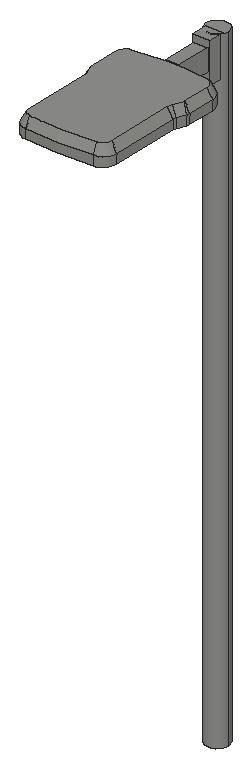
Revit family "VP-4-A_U", category Lighting Fixtures, host Face, Revit 2019 (continued)
Definition of nested family "SIZE4_A_"
  Forms (in)
    Extrusion 49, solid, material <- "Glass"
      sketch origin (-5, 0, -5.875) x (-1, 0, 0) y (0, 0, -1)
        loop
          arc (-7.41655, -32.5909) -> (-7.34333, -32.76768) -> (-7.16655, -32.8409) r 0.25
      from 1.35 to 1.37213
    Extrusion 50, solid, material <- "Glass"
      sketch origin (0.375, 0, -11.375) x (1, 0, 0) y (0, 0, 1)
        loop
          circle (-7.47829, 32.33694) r 0.15
        loop
          circle (-6.95955, 32.33694) r 0.15
        loop
          circle (-6.4408, 32.33694) r 0.15
        loop
          circle (-5.92205, 32.33694) r 0.15
        loop
          circle (-5.4033, 32.33694) r 0.15
        loop
          circle (-4.88455, 32.33694) r 0.15
        loop
          circle (-4.3658, 32.33694) r 0.15
        loop
          circle (-3.84705, 32.33694) r 0.15
        loop
          circle (-3.32831, 32.33694) r 0.15
        loop
          circle (-7.47829, 31.83694) r 0.15
        loop
          circle (-6.95955, 31.83694) r 0.15
        loop
          circle (-6.4408, 31.83694) r 0.15
        loop
          circle (-5.92205, 31.83694) r 0.15
        loop
          circle (-5.4033, 31.83694) r 0.15
        loop
          circle (-4.88455, 31.83694) r 0.15
        loop
          circle (-4.3658, 31.83694) r 0.15
        loop
          circle (-3.84705, 31.83694) r 0.15
        loop
          circle (-3.32831, 31.83694) r 0.15
        loop
          circle (-7.47829, 31.33694) r 0.15
        loop
          circle (-6.95955, 31.33694) r 0.15
        loop
          circle (-6.4408, 31.33694) r 0.15
        loop
          circle (-5.92205, 31.33694) r 0.15
        loop
          circle (-5.4033, 31.33694) r 0.15
        loop
          circle (-4.88455, 31.33694) r 0.15
        loop
          circle (-4.3658, 31.33694) r 0.15
        loop
          circle (-3.84705, 31.33694) r 0.15
        loop
          circle (-3.32831, 31.33694) r 0.15
        loop
          circle (-7.47829, 30.83694) r 0.15
        loop
          circle (-6.95955, 30.83694) r 0.15
        loop
          circle (-6.4408, 30.83694) r 0.15
        loop
          circle (-5.92205, 30.83694) r 0.15
        loop
          circle (-5.4033, 30.83694) r 0.15
        loop
          circle (-4.88455, 30.83694) r 0.15
        loop
          circle (-4.3658, 30.83694) r 0.15
        loop
          circle (-3.84705, 30.83694) r 0.15
        loop
          circle (-3.32831, 30.83694) r 0.15
        loop
          circle (-7.47829, 30.33694) r 0.15
        loop
          circle (-6.95955, 30.33694) r 0.15
        loop
          circle (-6.4408, 30.33694) r 0.15
        loop
          circle (-5.92205, 30.33694) r 0.15
        loop
          circle (-5.4033, 30.33694) r 0.15
        loop
          circle (-4.88455, 30.33694) r 0.15
        loop
          circle (-4.3658, 30.33694) r 0.15
        loop
          circle (-3.84705, 30.33694) r 0.15
        loop
          circle (-3.32831, 30.33694) r 0.15
        loop
          circle (-7.47829, 29.83694) r 0.15
        loop
          circle (-6.95955, 29.83694) r 0.15
        loop
          circle (-6.4408, 29.83694) r 0.15
        loop
          circle (-5.92205, 29.83694) r 0.15
        loop
          circle (-5.4033, 29.83694) r 0.15
        loop
          circle (-4.88455, 29.83694) r 0.15
        loop
          circle (-4.3658, 29.83694) r 0.15
        loop
          circle (-3.84705, 29.83694) r 0.15
        loop
          circle (-3.32831, 29.83694) r 0.15
        loop
          circle (-7.47829, 29.33694) r 0.15
        loop
          circle (-6.95955, 29.33694) r 0.15
        loop
          circle (-6.4408, 29.33694) r 0.15
        loop
          circle (-5.92205, 29.33694) r 0.15
        loop
          circle (-5.4033, 29.33694) r 0.15
        loop
          circle (-4.88455, 29.33694) r 0.15
        loop
          circle (-4.3658, 29.33694) r 0.15
        loop
          circle (-3.84705, 29.33694) r 0.15
        loop
          circle (-3.32831, 29.33694) r 0.15
        loop
          circle (-7.47829, 28.83694) r 0.15
        loop
          circle (-6.95955, 28.83694) r 0.15
        loop
          circle (-6.4408, 28.83694) r 0.15
        loop
          circle (-5.92205, 28.83694) r 0.15
        loop
          circle (-5.4033, 28.83694) r 0.15
        loop
          circle (-4.88455, 28.83694) r 0.15
        loop
          circle (-4.3658, 28.83694) r 0.15
        loop
          circle (-3.84705, 28.83694) r 0.15
        loop
          circle (-3.32831, 28.83694) r 0.15
        loop
          circle (-7.47829, 28.33694) r 0.15
        loop
          circle (-6.95955, 28.33694) r 0.15
        loop
          circle (-6.4408, 28.33694) r 0.15
        loop
          circle (-5.92205, 28.33694) r 0.15
        loop
          circle (-5.4033, 28.33694) r 0.15
        loop
          circle (-4.88455, 28.33694) r 0.15
        loop
          circle (-4.3658, 28.33694) r 0.15
        loop
          circle (-3.84705, 28.33694) r 0.15
        loop
          circle (-3.32831, 28.33694) r 0.15
      from 1.35 to 1.4
    Extrusion 51, solid, material <- "Glass"
      sketch origin (0, 0, -11.375) x (1, 0, 0) y (0, 0, 1)
        loop
          arc (-7.16655, 32.8409) -> (-7.34333, 32.76768) -> (-7.41655, 32.5909) r 0.25
          line (-7.41655, 32.5909) -> (-7.41655, 28.0909)
          arc (-7.41655, 28.0909) -> (-7.34333, 27.91412) -> (-7.16655, 27.8409) r 0.25
          line (-7.16655, 27.8409) -> (-2.81123, 27.8409)
          arc (-2.81123, 27.8409) -> (-2.63446, 27.91412) -> (-2.56123, 28.0909) r 0.25
          line (-2.56123, 28.0909) -> (-2.56123, 32.5909)
          arc (-2.56123, 32.5909) -> (-2.63446, 32.76768) -> (-2.81123, 32.8409) r 0.25
          line (-2.81123, 32.8409) -> (-7.16655, 32.8409)
      from 1.35 to 1.37213
    Extrusion 52, solid, material <- "Glass"
      sketch origin (-0.375, 0, -11.375) x (-1, 0, 0) y (0, 0, -1)
        loop
          circle (-7.47829, -32.33694) r 0.15
        loop
          circle (-6.95955, -32.33694) r 0.15
        loop
          circle (-6.4408, -32.33694) r 0.15
        loop
          circle (-5.92205, -32.33694) r 0.15
        loop
          circle (-5.4033, -32.33694) r 0.15
        loop
          circle (-4.88455, -32.33694) r 0.15
        loop
          circle (-4.3658, -32.33694) r 0.15
        loop
          circle (-3.84705, -32.33694) r 0.15
        loop
          circle (-3.32831, -32.33694) r 0.15
        loop
          circle (-7.47829, -31.83694) r 0.15
        loop
          circle (-6.95955, -31.83694) r 0.15
        loop
          circle (-6.4408, -31.83694) r 0.15
        loop
          circle (-5.92205, -31.83694) r 0.15
        loop
          circle (-5.4033, -31.83694) r 0.15
        loop
          circle (-4.88455, -31.83694) r 0.15
        loop
          circle (-4.3658, -31.83694) r 0.15
        loop
          circle (-3.84705, -31.83694) r 0.15
        loop
          circle (-3.32831, -31.83694) r 0.15
        loop
          circle (-7.47829, -31.33694) r 0.15
        loop
          circle (-6.95955, -31.33694) r 0.15
        loop
          circle (-6.4408, -31.33694) r 0.15
        loop
          circle (-5.92205, -31.33694) r 0.15
        loop
          circle (-5.4033, -31.33694) r 0.15
        loop
          circle (-4.88455, -31.33694) r 0.15
        loop
          circle (-4.3658, -31.33694) r 0.15
        loop
          circle (-3.84705, -31.33694) r 0.15
        loop
          circle (-3.32831, -31.33694) r 0.15
        loop
          circle (-7.47829, -30.83694) r 0.15
        loop
          circle (-6.95955, -30.83694) r 0.15
        loop
          circle (-6.4408, -30.83694) r 0.15
        loop
          circle (-5.92205, -30.83694) r 0.15
        loop
          circle (-5.4033, -30.83694) r 0.15
        loop
          circle (-4.88455, -30.83694) r 0.15
        loop
          circle (-4.3658, -30.83694) r 0.15
        loop
          circle (-3.84705, -30.83694) r 0.15
        loop
          circle (-3.32831, -30.83694) r 0.15
        loop
          circle (-7.47829, -30.33694) r 0.15
        loop
          circle (-6.95955, -30.33694) r 0.15
        loop
          circle (-6.4408, -30.33694) r 0.15
        loop
          circle (-5.92205, -30.33694) r 0.15
        loop
          circle (-5.4033, -30.33694) r 0.15
        loop
          circle (-4.88455, -30.33694) r 0.15
        loop
          circle (-4.3658, -30.33694) r 0.15
        loop
          circle (-3.84705, -30.33694) r 0.15
        loop
          circle (-3.32831, -30.33694) r 0.15
        loop
          circle (-7.47829, -29.83694) r 0.15
        loop
          circle (-6.95955, -29.83694) r 0.15
        loop
          circle (-6.4408, -29.83694) r 0.15
        loop
          circle (-5.92205, -29.83694) r 0.15
        loop
          circle (-5.4033, -29.83694) r 0.15
        loop
          circle (-4.88455, -29.83694) r 0.15
        loop
          circle (-4.3658, -29.83694) r 0.15
        loop
          circle (-3.84705, -29.83694) r 0.15
        loop
          circle (-3.32831, -29.83694) r 0.15
        loop
          circle (-7.47829, -29.33694) r 0.15
        loop
          circle (-6.95955, -29.33694) r 0.15
        loop
          circle (-6.4408, -29.33694) r 0.15
        loop
          circle (-5.92205, -29.33694) r 0.15
        loop
          circle (-5.4033, -29.33694) r 0.15
        loop
          circle (-4.88455, -29.33694) r 0.15
        loop
          circle (-4.3658, -29.33694) r 0.15
        loop
          circle (-3.84705, -29.33694) r 0.15
        loop
          circle (-3.32831, -29.33694) r 0.15
        loop
          circle (-7.47829, -28.83694) r 0.15
        loop
          circle (-6.95955, -28.83694) r 0.15
        loop
          circle (-6.4408, -28.83694) r 0.15
        loop
          circle (-5.92205, -28.83694) r 0.15
        loop
          circle (-5.4033, -28.83694) r 0.15
        loop
          circle (-4.88455, -28.83694) r 0.15
        loop
          circle (-4.3658, -28.83694) r 0.15
        loop
          circle (-3.84705, -28.83694) r 0.15
        loop
          circle (-3.32831, -28.83694) r 0.15
        loop
          circle (-7.47829, -28.33694) r 0.15
        loop
          circle (-6.95955, -28.33694) r 0.15
        loop
          circle (-6.4408, -28.33694) r 0.15
        loop
          circle (-5.92205, -28.33694) r 0.15
        loop
          circle (-5.4033, -28.33694) r 0.15
        loop
          circle (-4.88455, -28.33694) r 0.15
        loop
          circle (-4.3658, -28.33694) r 0.15
        loop
          circle (-3.84705, -28.33694) r 0.15
        loop
          circle (-3.32831, -28.33694) r 0.15
      from 1.35 to 1.4
    Extrusion 53, solid, material <- "Glass"
      sketch origin (0, 0, -11.375) x (-1, 0, 0) y (0, 0, -1)
        loop
          line (-7.16655, -32.8409) -> (-2.84181, -32.8409)
          arc (-2.84181, -32.8409) -> (-2.66504, -32.76768) -> (-2.59181, -32.5909) r 0.25
          line (-2.59181, -32.5909) -> (-2.59181, -28.0909)
          arc (-2.59181, -28.0909) -> (-2.66504, -27.91412) -> (-2.84181, -27.8409) r 0.25
          line (-2.84181, -27.8409) -> (-7.16655, -27.8409)
          arc (-7.16655, -27.8409) -> (-7.34333, -27.91412) -> (-7.41655, -28.0909) r 0.25
          line (-7.41655, -28.0909) -> (-7.41655, -32.5909)
          arc (-7.41655, -32.5909) -> (-7.34333, -32.76768) -> (-7.16655, -32.8409) r 0.25
      from 1.35 to 1.37213
    Extrusion 54, solid, material <- "Glass"
      sketch origin (-5.375, 0, -11.375) x (-1, 0, 0) y (0, 0, -1)
        loop
          circle (-7.47829, -32.33694) r 0.15
        loop
          circle (-6.95955, -32.33694) r 0.15
        loop
          circle (-6.4408, -32.33694) r 0.15
        loop
          circle (-5.92205, -32.33694) r 0.15
        loop
          circle (-5.4033, -32.33694) r 0.15
        loop
          circle (-4.88455, -32.33694) r 0.15
        loop
          circle (-4.3658, -32.33694) r 0.15
        loop
          circle (-3.84705, -32.33694) r 0.15
        loop
          circle (-3.32831, -32.33694) r 0.15
        loop
          circle (-7.47829, -31.83694) r 0.15
        loop
          circle (-6.95955, -31.83694) r 0.15
        loop
          circle (-6.4408, -31.83694) r 0.15
        loop
          circle (-5.92205, -31.83694) r 0.15
        loop
          circle (-5.4033, -31.83694) r 0.15
        loop
          circle (-4.88455, -31.83694) r 0.15
        loop
          circle (-4.3658, -31.83694) r 0.15
        loop
          circle (-3.84705, -31.83694) r 0.15
        loop
          circle (-3.32831, -31.83694) r 0.15
        loop
          circle (-7.47829, -31.33694) r 0.15
        loop
          circle (-6.95955, -31.33694) r 0.15
        loop
          circle (-6.4408, -31.33694) r 0.15
        loop
          circle (-5.92205, -31.33694) r 0.15
        loop
          circle (-5.4033, -31.33694) r 0.15
        loop
          circle (-4.88455, -31.33694) r 0.15
        loop
          circle (-4.3658, -31.33694) r 0.15
        loop
          circle (-3.84705, -31.33694) r 0.15
        loop
          circle (-3.32831, -31.33694) r 0.15
        loop
          circle (-7.47829, -30.83694) r 0.15
        loop
          circle (-6.95955, -30.83694) r 0.15
        loop
          circle (-6.4408, -30.83694) r 0.15
        loop
          circle (-5.92205, -30.83694) r 0.15
        loop
          circle (-5.4033, -30.83694) r 0.15
        loop
          circle (-4.88455, -30.83694) r 0.15
        loop
          circle (-4.3658, -30.83694) r 0.15
        loop
          circle (-3.84705, -30.83694) r 0.15
        loop
          circle (-3.32831, -30.83694) r 0.15
        loop
          circle (-7.47829, -30.33694) r 0.15
        loop
          circle (-6.95955, -30.33694) r 0.15
        loop
          circle (-6.4408, -30.33694) r 0.15
        loop
          circle (-5.92205, -30.33694) r 0.15
        loop
          circle (-5.4033, -30.33694) r 0.15
        loop
          circle (-4.88455, -30.33694) r 0.15
        loop
          circle (-4.3658, -30.33694) r 0.15
        loop
          circle (-3.84705, -30.33694) r 0.15
        loop
          circle (-3.32831, -30.33694) r 0.15
        loop
          circle (-7.47829, -29.83694) r 0.15
        loop
          circle (-6.95955, -29.83694) r 0.15
        loop
          circle (-6.4408, -29.83694) r 0.15
        loop
          circle (-5.92205, -29.83694) r 0.15
        loop
          circle (-5.4033, -29.83694) r 0.15
        loop
          circle (-4.88455, -29.83694) r 0.15
        loop
          circle (-4.3658, -29.83694) r 0.15
        loop
          circle (-3.84705, -29.83694) r 0.15
        loop
          circle (-3.32831, -29.83694) r 0.15
        loop
          circle (-7.47829, -29.33694) r 0.15
        loop
          circle (-6.95955, -29.33694) r 0.15
        loop
          circle (-6.4408, -29.33694) r 0.15
        loop
          circle (-5.92205, -29.33694) r 0.15
        loop
          circle (-5.4033, -29.33694) r 0.15
        loop
          circle (-4.88455, -29.33694) r 0.15
        loop
          circle (-4.3658, -29.33694) r 0.15
        loop
          circle (-3.84705, -29.33694) r 0.15
        loop
          circle (-3.32831, -29.33694) r 0.15
        loop
          circle (-7.47829, -28.83694) r 0.15
        loop
          circle (-6.95955, -28.83694) r 0.15
        loop
          circle (-6.4408, -28.83694) r 0.15
        loop
          circle (-5.92205, -28.83694) r 0.15
        loop
          circle (-5.4033, -28.83694) r 0.15
        loop
          circle (-4.88455, -28.83694) r 0.15
        loop
          circle (-4.3658, -28.83694) r 0.15
        loop
          circle (-3.84705, -28.83694) r 0.15
        loop
          circle (-3.32831, -28.83694) r 0.15
        loop
          circle (-7.47829, -28.33694) r 0.15
        loop
          circle (-6.95955, -28.33694) r 0.15
        loop
          circle (-6.4408, -28.33694) r 0.15
        loop
          circle (-5.92205, -28.33694) r 0.15
        loop
          circle (-5.4033, -28.33694) r 0.15
        loop
          circle (-4.88455, -28.33694) r 0.15
        loop
          circle (-4.3658, -28.33694) r 0.15
        loop
          circle (-3.84705, -28.33694) r 0.15
        loop
          circle (-3.32831, -28.33694) r 0.15
      from 1.35 to 1.4
    Extrusion 55, solid, material <- "Glass"
      sketch origin (-5, 0, -11.375) x (-1, 0, 0) y (0, 0, -1)
        loop
          line (-7.16655, -32.8409) -> (-2.84181, -32.8409)
          arc (-2.84181, -32.8409) -> (-2.66504, -32.76768) -> (-2.59181, -32.5909) r 0.25
          line (-2.59181, -32.5909) -> (-2.59181, -28.0909)
          arc (-2.59181, -28.0909) -> (-2.66504, -27.91412) -> (-2.84181, -27.8409) r 0.25
          line (-2.84181, -27.8409) -> (-7.16655, -27.8409)
          arc (-7.16655, -27.8409) -> (-7.34333, -27.91412) -> (-7.41655, -28.0909) r 0.25
          line (-7.41655, -28.0909) -> (-7.41655, -32.5909)
          arc (-7.41655, -32.5909) -> (-7.34333, -32.76768) -> (-7.16655, -32.8409) r 0.25
      from 1.35 to 1.37213
    Extrusion 56, solid, material <- "Fixture"
      sketch origin (0.125, 0, 2.5) x (1, 0, 0) y (0, 0, 1)
        loop
          arc (8.61601, 29.87811) -> (7.91353, 31.61742) -> (6.20018, 32.38102) r 2.50448
          arc (6.20018, 32.38102) -> (-0.18326, 32.81078) -> (-6.56625, 32.37421) r 47.24839
          arc (-6.56625, 32.37421) -> (-8.20342, 31.57512) -> (-8.86601, 29.87811) r 2.50448
          line (-8.86601, 29.87811) -> (-8.86601, 16.83541)
          arc (-8.86601, 16.83541) -> (-8.89448, 16.52871) -> (-8.97892, 16.2325) r 1.66606
          line (-8.97892, 16.2325) -> (-9.6766, 14.43524)
          arc (-9.6766, 14.43524) -> (-9.74427, 14.21755) -> (-9.78142, 13.99263) r 1.65645
          line (-9.78142, 13.99263) -> (-9.78142, 8.65741)
          arc (-9.78142, 8.65741) -> (-8.97209, 6.60779) -> (-6.98078, 5.66404) r 3
          arc (-6.98078, 5.66404) -> (0.01001, 4.99965) -> (7.00057, 5.66642) r 37.04471
          arc (7.00057, 5.66642) -> (8.81758, 6.67941) -> (9.53886, 8.63067) r 3
          line (9.53886, 8.63067) -> (9.53886, 13.83581)
          arc (9.53886, 13.83581) -> (9.51055, 14.14073) -> (9.4266, 14.43524) r 1.65645
          line (9.4266, 14.43524) -> (8.72892, 16.2325)
          arc (8.72892, 16.2325) -> (8.64448, 16.52871) -> (8.61601, 16.83541) r 1.66606
          line (8.61601, 16.83541) -> (8.61601, 29.87811)
      from 0 to 1.74
    Blend 57, solid, material <- "Fixture"
      base sketch origin (0, 0, 0) x (1, 0, 0) y (0, 0, 1)
        loop
          arc (-9.5516, 16.93524) -> (-9.61927, 16.71755) -> (-9.65642, 16.49263) r 1.65645
          line (-9.65642, 16.49263) -> (-9.65642, 11.15741)
          arc (-9.65642, 11.15741) -> (-8.84709, 9.10779) -> (-6.85578, 8.16404) r 3
          arc (-6.85578, 8.16404) -> (0.13501, 7.49965) -> (7.12557, 8.16642) r 37.04471
          arc (7.12557, 8.16642) -> (8.94258, 9.17941) -> (9.66386, 11.13067) r 3
          line (9.66386, 11.13067) -> (9.66386, 16.33581)
          arc (9.66386, 16.33581) -> (9.63555, 16.64073) -> (9.5516, 16.93524) r 1.65645
          line (9.5516, 16.93524) -> (8.85392, 18.7325)
          arc (8.85392, 18.7325) -> (8.76948, 19.02871) -> (8.74101, 19.33541) r 1.66606
          line (8.74101, 19.33541) -> (8.74101, 32.37811)
          arc (8.74101, 32.37811) -> (8.03853, 34.11742) -> (6.32518, 34.88102) r 2.50448
          arc (6.32518, 34.88102) -> (-0.05826, 35.31078) -> (-6.44125, 34.87421) r 47.24839
          arc (-6.44125, 34.87421) -> (-8.07842, 34.07512) -> (-8.74101, 32.37811) r 2.50448
          line (-8.74101, 32.37811) -> (-8.74101, 19.33541)
          arc (-8.74101, 19.33541) -> (-8.76948, 19.02871) -> (-8.85392, 18.7325) r 1.66606
          line (-8.85392, 18.7325) -> (-9.5516, 16.93524)
      top sketch origin (0, 0, 0) x (1, 0, 0) y (0, 0, 1)
        loop
          line (-8.65642, 16.43436) -> (-8.65642, 11.15741)
          arc (-8.65642, 11.15741) -> (-8.09764, 9.77073) -> (-6.73353, 9.1589) r 2
          arc (-6.73353, 9.1589) -> (0.1108, 8.49965) -> (6.95577, 9.15209) r 36.04471
          arc (6.95577, 9.15209) -> (8.17777, 9.82373) -> (8.66386, 11.13067) r 2
          line (8.66386, 11.13067) -> (8.66386, 16.33581)
          arc (8.66386, 16.33581) -> (8.65264, 16.45665) -> (8.61937, 16.57336) r 0.65645
          line (8.61937, 16.57336) -> (7.9217, 18.37062)
          arc (7.9217, 18.37062) -> (7.78657, 18.84463) -> (7.74101, 19.33541) r 2.66606
          line (7.74101, 19.33541) -> (7.74101, 32.37811)
          arc (7.74101, 32.37811) -> (7.3037, 33.43858) -> (6.246, 33.88256) r 1.50448
          arc (6.246, 33.88256) -> (-0.04498, 34.31079) -> (-6.33575, 33.87932) r 46.24839
          arc (-6.33575, 33.87932) -> (-7.33487, 33.40626) -> (-7.74101, 32.37811) r 1.50448
          line (-7.74101, 32.37811) -> (-7.74101, 19.33541)
          arc (-7.74101, 19.33541) -> (-7.78657, 18.84463) -> (-7.9217, 18.37062) r 2.66606
          line (-7.9217, 18.37062) -> (-8.61937, 16.57336)
          arc (-8.61937, 16.57336) -> (-8.64172, 16.50488) -> (-8.65642, 16.43436) r 0.65645
      from 0 to -1.74
    Extrusion 58, solid, material <- "Fixture"
      sketch origin (0, 0, 0) x (1, 0, 0) y (0, 1, 0)
        loop
          line (-1.5, 3.03981) -> (-1.5, -4.56012) -> (1.5, -4.56012) -> (1.5, 3.03981) -> (-1.5, 3.03981)
      from -1.406 to 1.75
  Cuts and joins
    Extrusion 3, Extrusion 41 cuts Extrusion 2
    Extrusion 3, Extrusion 41 cuts Extrusion 56
  Dimensions and locks (in)
    equal spacing: plane 4, plane 3 "Center (Left/Right)", plane 5
    "Width": plane 4 to plane 5
    "Length": plane 7 to plane 6
    "Mount Length": plane 6 to plane 2
    "Mounting Base Width": plane 11 to plane 10
    equal spacing: plane 11, plane 3 "Center (Left/Right)", plane 10
    aligned and locked: plane 2 to Extrusion 1
    aligned and locked: level to Extrusion 1
    aligned and locked: plane 10 to Extrusion 58 sketch curve
    aligned and locked: Extrusion 58 sketch curve to plane 11
    aligned and locked: Extrusion 58 to cut or joined group of Extrusion 2, Extrusion 3, Extrusion 41
  Automatic sketch dimensions
    Extrusion 1 sketch curve to Extrusion 1 sketch curve = 96.00"  (x2)
    Extrusion 2 sketch curve to plane 9 = 0.00"
    Extrusion 2 sketch curve to plane 8 = 0.1611"
    plane 8 to Extrusion 2 sketch curve = 1.12955"
    Extrusion 2 sketch curve to level = 1.406"
    plane 6 to Extrusion 2 sketch curve = 1.01105"
    plane 5 to Extrusion 3 sketch curve = 1.40392"
    plane 3 "Center (Left/Right)" to Extrusion 3 sketch curve = 0.06506"
    Extrusion 3 sketch curve to plane 4 = 1.25"
    Extrusion 3 sketch curve to level = 39.4018"
    plane 6 to Extrusion 3 sketch curve = 7.65635"
    Extrusion 3 sketch curve to plane 7 = 2.31818"
    plane 5 to Extrusion 4 sketch curve = 2.15013"
    Extrusion 4 sketch curve to Extrusion 4 sketch curve = 0.35"  (x3)
    Extrusion 4 sketch curve to plane 4 = 2.50013"  (x2)
    Extrusion 4 sketch curve to plane 7 = 8.31818"
    Extrusion 4 sketch curve to plane 7 = 3.16818"
    plane 5 to Extrusion 5 sketch curve = 2.70671"
    Extrusion 5 sketch curve to Extrusion 5 sketch curve = 0.00"  (x61)
    Extrusion 5 sketch curve to Extrusion 5 sketch curve = 0.51875"  (x27)
    Extrusion 5 sketch curve to plane 7 = 7.51806"
    Extrusion 5 sketch curve to Extrusion 5 sketch curve = 0.50"  (x72)
    plane 5 to Extrusion 6 sketch curve = 2.39345"
    Extrusion 6 sketch curve to Extrusion 6 sketch curve = 0.25"  (x3)
    Extrusion 6 sketch curve to plane 3 "Center (Left/Right)" = 2.81123"  (x2)
    Extrusion 6 sketch curve to plane 7 = 8.0141"
    Extrusion 6 sketch curve to plane 7 = 3.2641"
    Extrusion 7 sketch curve to plane 4 = 2.12307"
    Extrusion 7 sketch curve to plane 8 = 0.46661"
    Extrusion 7 sketch curve to Extrusion 7 sketch curve = 0.02618"
    Extrusion 7 sketch curve to Extrusion 7 sketch curve = 0.1119"
    Extrusion 7 sketch curve to plane 8 = 0.03691"
    Extrusion 7 sketch curve to Extrusion 7 sketch curve = 0.36056"
    Extrusion 7 sketch curve to plane 8 = 0.00781"
    Extrusion 7 sketch curve to Extrusion 7 sketch curve = 0.06241"
    Extrusion 7 sketch curve to Extrusion 7 sketch curve = 0.42393"
    Extrusion 7 sketch curve to Extrusion 7 sketch curve = 0.73219"
    plane 4 to Extrusion 8 sketch curve = 2.70671"
    Extrusion 8 sketch curve to Extrusion 8 sketch curve = 0.00"  (x61)
    Extrusion 8 sketch curve to Extrusion 8 sketch curve = 0.51875"  (x27)
    plane 7 to Extrusion 8 sketch curve = 7.51806"
    Extrusion 8 sketch curve to Extrusion 8 sketch curve = 0.50"  (x72)
    plane 4 to Extrusion 9 sketch curve = 2.39345"
    Extrusion 9 sketch curve to Extrusion 9 sketch curve = 0.25"  (x3)
    Extrusion 9 sketch curve to plane 3 "Center (Left/Right)" = 2.84181"  (x2)
    plane 7 to Extrusion 9 sketch curve = 8.0141"
    plane 7 to Extrusion 9 sketch curve = 3.2641"
    plane 5 to Extrusion 10 sketch curve = 2.15013"
    Extrusion 10 sketch curve to Extrusion 10 sketch curve = 0.35"  (x3)
    Extrusion 10 sketch curve to plane 4 = 2.50013"  (x2)
    Extrusion 10 sketch curve to plane 7 = 13.81818"
    Extrusion 10 sketch curve to Extrusion 10 sketch curve = 4.80"
    Extrusion 11 sketch curve to plane 5 = 2.15013"
    Extrusion 11 sketch curve to Extrusion 11 sketch curve = 0.35"  (x3)
    plane 4 to Extrusion 11 sketch curve = 2.50013"  (x2)
    plane 7 to Extrusion 11 sketch curve = 13.81818"
    Extrusion 11 sketch curve to Extrusion 11 sketch curve = 4.80"
    Extrusion 12 sketch curve to plane 4 = 2.12307"
    Extrusion 12 sketch curve to plane 8 = 0.46661"
    Extrusion 12 sketch curve to Extrusion 12 sketch curve = 0.02618"
    Extrusion 12 sketch curve to Extrusion 12 sketch curve = 0.1119"
    Extrusion 12 sketch curve to plane 8 = 0.03691"
    Extrusion 12 sketch curve to Extrusion 12 sketch curve = 0.36056"
    Extrusion 12 sketch curve to plane 8 = 0.00781"
    Extrusion 12 sketch curve to Extrusion 12 sketch curve = 0.06241"
    Extrusion 12 sketch curve to Extrusion 12 sketch curve = 0.42393"
    Extrusion 12 sketch curve to Extrusion 12 sketch curve = 0.73219"
    Extrusion 13 sketch curve to plane 4 = 2.12307"
    Extrusion 13 sketch curve to plane 8 = 0.46661"
    Extrusion 13 sketch curve to Extrusion 13 sketch curve = 0.02618"
    Extrusion 13 sketch curve to Extrusion 13 sketch curve = 0.1119"
    Extrusion 13 sketch curve to plane 8 = 0.03691"
    Extrusion 13 sketch curve to Extrusion 13 sketch curve = 0.36056"
    Extrusion 13 sketch curve to plane 8 = 0.00781"
    Extrusion 13 sketch curve to Extrusion 13 sketch curve = 0.06241"
    Extrusion 13 sketch curve to Extrusion 13 sketch curve = 0.42393"
    Extrusion 13 sketch curve to Extrusion 13 sketch curve = 0.73219"
    Extrusion 14 sketch curve to plane 4 = 2.12307"
    Extrusion 14 sketch curve to plane 8 = 0.46661"
    Extrusion 14 sketch curve to Extrusion 14 sketch curve = 0.02618"
    Extrusion 14 sketch curve to Extrusion 14 sketch curve = 0.08572"
    Extrusion 14 sketch curve to plane 8 = 0.03691"
    Extrusion 14 sketch curve to Extrusion 14 sketch curve = 0.36056"
    Extrusion 14 sketch curve to plane 8 = 0.00781"
    Extrusion 14 sketch curve to Extrusion 14 sketch curve = 0.06241"
    Extrusion 14 sketch curve to Extrusion 14 sketch curve = 0.42393"
    Extrusion 14 sketch curve to Extrusion 14 sketch curve = 0.73219"
    Extrusion 15 sketch curve to plane 4 = 2.12307"
    Extrusion 15 sketch curve to plane 8 = 0.46661"
    Extrusion 15 sketch curve to Extrusion 15 sketch curve = 0.02618"
    Extrusion 15 sketch curve to Extrusion 15 sketch curve = 0.1119"
    Extrusion 15 sketch curve to plane 8 = 0.03691"
    Extrusion 15 sketch curve to Extrusion 15 sketch curve = 0.36056"
    Extrusion 15 sketch curve to plane 8 = 0.00781"
    Extrusion 15 sketch curve to Extrusion 15 sketch curve = 0.06241"
    Extrusion 15 sketch curve to Extrusion 15 sketch curve = 0.42393"
    Extrusion 15 sketch curve to Extrusion 15 sketch curve = 0.73219"
    Extrusion 16 sketch curve to plane 4 = 2.12307"
    Extrusion 16 sketch curve to plane 8 = 0.46661"
    Extrusion 16 sketch curve to Extrusion 16 sketch curve = 0.02618"
    Extrusion 16 sketch curve to Extrusion 16 sketch curve = 0.1119"
    Extrusion 16 sketch curve to plane 8 = 0.03691"
    Extrusion 16 sketch curve to Extrusion 16 sketch curve = 0.36056"
    Extrusion 16 sketch curve to plane 8 = 0.00781"
    Extrusion 16 sketch curve to Extrusion 16 sketch curve = 0.06241"
    Extrusion 16 sketch curve to Extrusion 16 sketch curve = 0.42393"
    Extrusion 16 sketch curve to Extrusion 16 sketch curve = 0.73219"
    Extrusion 17 sketch curve to plane 4 = 2.12307"
    Extrusion 17 sketch curve to plane 8 = 0.46661"
    Extrusion 17 sketch curve to Extrusion 17 sketch curve = 0.02618"
    Extrusion 17 sketch curve to Extrusion 17 sketch curve = 0.1119"
    Extrusion 17 sketch curve to plane 8 = 0.03691"
    Extrusion 17 sketch curve to Extrusion 17 sketch curve = 0.36056"
    Extrusion 17 sketch curve to plane 8 = 0.00781"
    Extrusion 17 sketch curve to Extrusion 17 sketch curve = 0.06241"
    Extrusion 17 sketch curve to Extrusion 17 sketch curve = 0.42393"
    Extrusion 17 sketch curve to Extrusion 17 sketch curve = 0.73219"
    Extrusion 18 sketch curve to plane 4 = 2.12307"
    Extrusion 18 sketch curve to plane 8 = 0.46661"
    Extrusion 18 sketch curve to Extrusion 18 sketch curve = 0.02618"
    Extrusion 18 sketch curve to Extrusion 18 sketch curve = 0.1119"
    Extrusion 18 sketch curve to plane 8 = 0.03691"
    Extrusion 18 sketch curve to Extrusion 18 sketch curve = 0.36056"
    Extrusion 18 sketch curve to plane 8 = 0.00781"
    Extrusion 18 sketch curve to Extrusion 18 sketch curve = 0.06241"
    Extrusion 18 sketch curve to Extrusion 18 sketch curve = 0.42393"
    Extrusion 18 sketch curve to Extrusion 18 sketch curve = 0.73219"
    Extrusion 19 sketch curve to plane 4 = 2.12307"
    Extrusion 19 sketch curve to plane 8 = 0.46661"
    Extrusion 19 sketch curve to Extrusion 19 sketch curve = 0.02618"
    Extrusion 19 sketch curve to Extrusion 19 sketch curve = 0.1119"
    Extrusion 19 sketch curve to plane 8 = 0.03691"
    Extrusion 19 sketch curve to Extrusion 19 sketch curve = 0.36056"
    Extrusion 19 sketch curve to plane 8 = 0.00781"
    Extrusion 19 sketch curve to Extrusion 19 sketch curve = 0.06241"
    Extrusion 19 sketch curve to Extrusion 19 sketch curve = 0.42393"
    Extrusion 19 sketch curve to Extrusion 19 sketch curve = 0.73219"
    Extrusion 20 sketch curve to plane 4 = 2.12307"
    Extrusion 20 sketch curve to plane 8 = 0.46661"
    Extrusion 20 sketch curve to Extrusion 20 sketch curve = 0.02618"
    Extrusion 20 sketch curve to Extrusion 20 sketch curve = 0.1119"
    Extrusion 20 sketch curve to plane 8 = 0.03691"
    Extrusion 20 sketch curve to Extrusion 20 sketch curve = 0.36056"
    Extrusion 20 sketch curve to plane 8 = 0.00781"
    Extrusion 20 sketch curve to Extrusion 20 sketch curve = 0.06241"
    Extrusion 20 sketch curve to Extrusion 20 sketch curve = 0.42393"
    Extrusion 20 sketch curve to Extrusion 20 sketch curve = 0.73219"
    Extrusion 21 sketch curve to plane 4 = 2.12307"
    Extrusion 21 sketch curve to plane 8 = 0.46661"
    Extrusion 21 sketch curve to Extrusion 21 sketch curve = 0.02618"
    Extrusion 21 sketch curve to Extrusion 21 sketch curve = 0.1119"
    Extrusion 21 sketch curve to plane 8 = 0.03691"
    Extrusion 21 sketch curve to Extrusion 21 sketch curve = 0.36056"
    Extrusion 21 sketch curve to plane 8 = 0.00781"
    Extrusion 21 sketch curve to Extrusion 21 sketch curve = 0.06241"
    Extrusion 21 sketch curve to Extrusion 21 sketch curve = 0.42393"
    Extrusion 21 sketch curve to Extrusion 21 sketch curve = 0.73219"
    Extrusion 22 sketch curve to plane 4 = 2.12307"
    Extrusion 22 sketch curve to plane 8 = 0.46661"
    Extrusion 22 sketch curve to Extrusion 22 sketch curve = 0.02618"
    Extrusion 22 sketch curve to Extrusion 22 sketch curve = 0.08572"
    Extrusion 22 sketch curve to plane 8 = 0.03691"
    Extrusion 22 sketch curve to Extrusion 22 sketch curve = 0.36056"
    Extrusion 22 sketch curve to plane 8 = 0.00781"
    Extrusion 22 sketch curve to Extrusion 22 sketch curve = 0.06241"
    Extrusion 22 sketch curve to Extrusion 22 sketch curve = 0.42393"
    Extrusion 22 sketch curve to Extrusion 22 sketch curve = 0.73219"
    Extrusion 23 sketch curve to plane 4 = 2.12307"
    Extrusion 23 sketch curve to plane 8 = 0.46661"
    Extrusion 23 sketch curve to Extrusion 23 sketch curve = 0.02618"
    Extrusion 23 sketch curve to Extrusion 23 sketch curve = 0.1119"
    Extrusion 23 sketch curve to plane 8 = 0.03691"
    Extrusion 23 sketch curve to Extrusion 23 sketch curve = 0.36056"
    Extrusion 23 sketch curve to plane 8 = 0.00781"
    Extrusion 23 sketch curve to Extrusion 23 sketch curve = 0.06241"
    Extrusion 23 sketch curve to Extrusion 23 sketch curve = 0.42393"
    Extrusion 23 sketch curve to Extrusion 23 sketch curve = 0.73219"
    Extrusion 24 sketch curve to plane 4 = 2.12307"
    Extrusion 24 sketch curve to plane 8 = 0.46661"
    Extrusion 24 sketch curve to Extrusion 24 sketch curve = 0.02618"
    Extrusion 24 sketch curve to Extrusion 24 sketch curve = 0.08572"
    Extrusion 24 sketch curve to plane 8 = 0.03691"
    Extrusion 24 sketch curve to Extrusion 24 sketch curve = 0.36056"
    Extrusion 24 sketch curve to plane 8 = 0.00781"
    Extrusion 24 sketch curve to Extrusion 24 sketch curve = 0.06241"
    Extrusion 24 sketch curve to Extrusion 24 sketch curve = 0.42393"
    Extrusion 24 sketch curve to Extrusion 24 sketch curve = 0.73219"
    Extrusion 25 sketch curve to plane 4 = 2.12307"
    Extrusion 25 sketch curve to plane 8 = 0.46661"
    Extrusion 25 sketch curve to Extrusion 25 sketch curve = 0.02618"
    Extrusion 25 sketch curve to Extrusion 25 sketch curve = 0.1119"
    Extrusion 25 sketch curve to plane 8 = 0.03691"
    Extrusion 25 sketch curve to Extrusion 25 sketch curve = 0.36056"
    Extrusion 25 sketch curve to plane 8 = 0.00781"
    Extrusion 25 sketch curve to Extrusion 25 sketch curve = 0.06241"
    Extrusion 25 sketch curve to Extrusion 25 sketch curve = 0.42393"
    Extrusion 25 sketch curve to Extrusion 25 sketch curve = 0.73219"
    plane 5 to Extrusion 26 sketch curve = 2.2012"
    Extrusion 26 sketch curve to plane 8 = 0.46661"
    Extrusion 26 sketch curve to Extrusion 26 sketch curve = 0.02618"
    Extrusion 26 sketch curve to Extrusion 26 sketch curve = 0.1119"
    Extrusion 26 sketch curve to plane 8 = 0.03691"
    Extrusion 26 sketch curve to Extrusion 26 sketch curve = 0.36056"
    Extrusion 26 sketch curve to plane 8 = 0.00781"
    Extrusion 26 sketch curve to Extrusion 26 sketch curve = 0.06241"
    Extrusion 26 sketch curve to Extrusion 26 sketch curve = 0.42393"
    Extrusion 26 sketch curve to Extrusion 26 sketch curve = 0.20146"
    plane 5 to Extrusion 27 sketch curve = 2.2012"
    Extrusion 27 sketch curve to plane 8 = 0.46661"
    Extrusion 27 sketch curve to Extrusion 27 sketch curve = 0.02618"
    Extrusion 27 sketch curve to Extrusion 27 sketch curve = 0.08572"
    Extrusion 27 sketch curve to plane 8 = 0.03691"
    Extrusion 27 sketch curve to Extrusion 27 sketch curve = 0.36056"
    Extrusion 27 sketch curve to plane 8 = 0.00781"
    Extrusion 27 sketch curve to Extrusion 27 sketch curve = 0.06241"
    Extrusion 27 sketch curve to Extrusion 27 sketch curve = 0.42393"
    Extrusion 27 sketch curve to Extrusion 27 sketch curve = 0.20146"
    plane 5 to Extrusion 28 sketch curve = 2.2012"
    Extrusion 28 sketch curve to plane 8 = 0.46661"
    Extrusion 28 sketch curve to Extrusion 28 sketch curve = 0.02618"
    Extrusion 28 sketch curve to Extrusion 28 sketch curve = 0.08572"
    Extrusion 28 sketch curve to plane 8 = 0.03691"
    Extrusion 28 sketch curve to Extrusion 28 sketch curve = 0.36056"
    Extrusion 28 sketch curve to plane 8 = 0.00781"
    Extrusion 28 sketch curve to Extrusion 28 sketch curve = 0.06241"
    Extrusion 28 sketch curve to Extrusion 28 sketch curve = 0.42393"
    Extrusion 28 sketch curve to Extrusion 28 sketch curve = 0.20146"
    plane 5 to Extrusion 29 sketch curve = 2.2012"
    Extrusion 29 sketch curve to plane 8 = 0.46661"
    Extrusion 29 sketch curve to Extrusion 29 sketch curve = 0.02618"
    Extrusion 29 sketch curve to Extrusion 29 sketch curve = 0.1119"
    Extrusion 29 sketch curve to plane 8 = 0.03691"
    Extrusion 29 sketch curve to Extrusion 29 sketch curve = 0.36056"
    Extrusion 29 sketch curve to plane 8 = 0.00781"
    Extrusion 29 sketch curve to Extrusion 29 sketch curve = 0.06241"
    Extrusion 29 sketch curve to Extrusion 29 sketch curve = 0.42393"
    Extrusion 29 sketch curve to Extrusion 29 sketch curve = 0.20146"
    plane 5 to Extrusion 30 sketch curve = 2.2012"
    Extrusion 30 sketch curve to plane 8 = 0.46661"
    Extrusion 30 sketch curve to Extrusion 30 sketch curve = 0.02618"
    Extrusion 30 sketch curve to Extrusion 30 sketch curve = 0.1119"
    Extrusion 30 sketch curve to plane 8 = 0.03691"
    Extrusion 30 sketch curve to Extrusion 30 sketch curve = 0.36056"
    Extrusion 30 sketch curve to plane 8 = 0.00781"
    Extrusion 30 sketch curve to Extrusion 30 sketch curve = 0.06241"
    Extrusion 30 sketch curve to Extrusion 30 sketch curve = 0.42393"
    Extrusion 30 sketch curve to Extrusion 30 sketch curve = 0.20146"
    plane 5 to Extrusion 31 sketch curve = 2.2012"
    Extrusion 31 sketch curve to plane 8 = 0.46661"
    Extrusion 31 sketch curve to Extrusion 31 sketch curve = 0.02618"
    Extrusion 31 sketch curve to Extrusion 31 sketch curve = 0.1119"
    Extrusion 31 sketch curve to plane 8 = 0.03691"
    Extrusion 31 sketch curve to Extrusion 31 sketch curve = 0.36056"
    Extrusion 31 sketch curve to plane 8 = 0.00781"
    Extrusion 31 sketch curve to Extrusion 31 sketch curve = 0.06241"
    Extrusion 31 sketch curve to Extrusion 31 sketch curve = 0.42393"
    Extrusion 31 sketch curve to Extrusion 31 sketch curve = 0.20146"
    plane 5 to Extrusion 32 sketch curve = 2.2012"
    Extrusion 32 sketch curve to plane 8 = 0.46661"
    Extrusion 32 sketch curve to Extrusion 32 sketch curve = 0.02618"
    Extrusion 32 sketch curve to Extrusion 32 sketch curve = 0.1119"
    Extrusion 32 sketch curve to plane 8 = 0.03691"
    Extrusion 32 sketch curve to Extrusion 32 sketch curve = 0.36056"
    Extrusion 32 sketch curve to plane 8 = 0.00781"
    Extrusion 32 sketch curve to Extrusion 32 sketch curve = 0.06241"
    Extrusion 32 sketch curve to Extrusion 32 sketch curve = 0.42393"
    Extrusion 32 sketch curve to Extrusion 32 sketch curve = 0.20146"
    plane 5 to Extrusion 33 sketch curve = 2.2012"
    Extrusion 33 sketch curve to plane 8 = 0.46661"
    Extrusion 33 sketch curve to Extrusion 33 sketch curve = 0.02618"
    Extrusion 33 sketch curve to Extrusion 33 sketch curve = 0.08572"
    Extrusion 33 sketch curve to plane 8 = 0.03691"
    Extrusion 33 sketch curve to Extrusion 33 sketch curve = 0.36056"
    Extrusion 33 sketch curve to plane 8 = 0.00781"
    Extrusion 33 sketch curve to Extrusion 33 sketch curve = 0.06241"
    Extrusion 33 sketch curve to Extrusion 33 sketch curve = 0.42393"
    Extrusion 33 sketch curve to Extrusion 33 sketch curve = 0.20146"
    plane 5 to Extrusion 34 sketch curve = 2.2012"
    Extrusion 34 sketch curve to plane 8 = 0.46661"
    Extrusion 34 sketch curve to Extrusion 34 sketch curve = 0.02618"
    Extrusion 34 sketch curve to Extrusion 34 sketch curve = 0.1119"
    Extrusion 34 sketch curve to plane 8 = 0.03691"
    Extrusion 34 sketch curve to Extrusion 34 sketch curve = 0.36056"
    Extrusion 34 sketch curve to plane 8 = 0.00781"
    Extrusion 34 sketch curve to Extrusion 34 sketch curve = 0.06241"
    Extrusion 34 sketch curve to Extrusion 34 sketch curve = 0.42393"
    Extrusion 34 sketch curve to Extrusion 34 sketch curve = 0.20146"
    plane 5 to Extrusion 35 sketch curve = 2.2012"
    Extrusion 35 sketch curve to plane 8 = 0.46661"
    Extrusion 35 sketch curve to Extrusion 35 sketch curve = 0.02618"
    Extrusion 35 sketch curve to Extrusion 35 sketch curve = 0.08572"
    Extrusion 35 sketch curve to plane 8 = 0.03691"
    Extrusion 35 sketch curve to Extrusion 35 sketch curve = 0.36056"
    Extrusion 35 sketch curve to plane 8 = 0.00781"
    Extrusion 35 sketch curve to Extrusion 35 sketch curve = 0.06241"
    Extrusion 35 sketch curve to Extrusion 35 sketch curve = 0.42393"
    Extrusion 35 sketch curve to Extrusion 35 sketch curve = 0.20146"
    plane 5 to Extrusion 36 sketch curve = 2.2012"
    Extrusion 36 sketch curve to plane 8 = 0.46661"
    Extrusion 36 sketch curve to Extrusion 36 sketch curve = 0.02618"
    Extrusion 36 sketch curve to Extrusion 36 sketch curve = 0.1119"
    Extrusion 36 sketch curve to plane 8 = 0.03691"
    Extrusion 36 sketch curve to Extrusion 36 sketch curve = 0.36056"
    Extrusion 36 sketch curve to plane 8 = 0.00781"
    Extrusion 36 sketch curve to Extrusion 36 sketch curve = 0.06241"
    Extrusion 36 sketch curve to Extrusion 36 sketch curve = 0.42393"
    Extrusion 36 sketch curve to Extrusion 36 sketch curve = 0.20146"
    plane 5 to Extrusion 37 sketch curve = 2.2012"
    Extrusion 37 sketch curve to plane 8 = 0.46661"
    Extrusion 37 sketch curve to Extrusion 37 sketch curve = 0.02618"
    Extrusion 37 sketch curve to Extrusion 37 sketch curve = 0.1119"
    Extrusion 37 sketch curve to plane 8 = 0.03691"
    Extrusion 37 sketch curve to Extrusion 37 sketch curve = 0.36056"
    Extrusion 37 sketch curve to plane 8 = 0.00781"
    Extrusion 37 sketch curve to Extrusion 37 sketch curve = 0.06241"
    Extrusion 37 sketch curve to Extrusion 37 sketch curve = 0.42393"
    Extrusion 37 sketch curve to Extrusion 37 sketch curve = 0.20146"
    plane 5 to Extrusion 38 sketch curve = 2.2012"
    Extrusion 38 sketch curve to plane 8 = 0.46661"
    Extrusion 38 sketch curve to Extrusion 38 sketch curve = 0.02618"
    Extrusion 38 sketch curve to Extrusion 38 sketch curve = 0.1119"
    Extrusion 38 sketch curve to plane 8 = 0.03691"
    Extrusion 38 sketch curve to Extrusion 38 sketch curve = 0.36056"
    Extrusion 38 sketch curve to plane 8 = 0.00781"
    Extrusion 38 sketch curve to Extrusion 38 sketch curve = 0.06241"
    Extrusion 38 sketch curve to Extrusion 38 sketch curve = 0.42393"
    Extrusion 38 sketch curve to Extrusion 38 sketch curve = 0.20146"
    plane 5 to Extrusion 39 sketch curve = 2.2012"
    Extrusion 39 sketch curve to plane 8 = 0.46661"
    Extrusion 39 sketch curve to Extrusion 39 sketch curve = 0.02618"
    Extrusion 39 sketch curve to Extrusion 39 sketch curve = 0.08572"
    Extrusion 39 sketch curve to plane 8 = 0.03691"
    Extrusion 39 sketch curve to Extrusion 39 sketch curve = 0.36056"
    Extrusion 39 sketch curve to plane 8 = 0.00781"
    Extrusion 39 sketch curve to Extrusion 39 sketch curve = 0.06241"
    Extrusion 39 sketch curve to Extrusion 39 sketch curve = 0.42393"
    Extrusion 39 sketch curve to Extrusion 39 sketch curve = 0.20146"
    plane 5 to Extrusion 40 sketch curve = 2.2012"
    Extrusion 40 sketch curve to plane 8 = 0.46661"
    Extrusion 40 sketch curve to Extrusion 40 sketch curve = 0.02618"
    Extrusion 40 sketch curve to Extrusion 40 sketch curve = 0.1119"
    Extrusion 40 sketch curve to plane 8 = 0.03691"
    Extrusion 40 sketch curve to Extrusion 40 sketch curve = 0.36056"
    Extrusion 40 sketch curve to plane 8 = 0.00781"
    Extrusion 40 sketch curve to Extrusion 40 sketch curve = 0.06241"
    Extrusion 40 sketch curve to Extrusion 40 sketch curve = 0.42393"
    Extrusion 40 sketch curve to Extrusion 40 sketch curve = 0.20146"
    plane 5 to Extrusion 41 sketch curve = 1.10793"
    plane 5 to Extrusion 41 sketch curve = 1.19965"
    Extrusion 41 sketch curve to Extrusion 41 sketch curve = 0.00"  (x2)
    Extrusion 41 sketch curve to plane 3 "Center (Left/Right)" = 0.00354"  (x6)
    Extrusion 41 sketch curve to plane 4 = 1.32465"
    Extrusion 41 sketch curve to plane 4 = 1.24"
    plane 6 to Extrusion 41 sketch curve = 3.30595"
    level to Extrusion 41 sketch curve = 10.85354"
    Extrusion 41 sketch curve to Extrusion 41 sketch curve = 0.27147"  (x2)
    Extrusion 41 sketch curve to Extrusion 41 sketch curve = 0.27118"  (x2)
    Extrusion 41 sketch curve to Extrusion 41 sketch curve = 0.47853"
    Extrusion 41 sketch curve to Extrusion 41 sketch curve = 0.47882"
    Extrusion 41 sketch curve to Extrusion 41 sketch curve = 1.01281"
    Extrusion 41 sketch curve to Extrusion 41 sketch curve = 1.01649"
    Extrusion 41 sketch curve to Extrusion 41 sketch curve = 1.00"  (x2)
    Extrusion 42 sketch curve to plane 3 "Center (Left/Right)" = 2.10329"
    Extrusion 42 sketch curve to Extrusion 42 sketch curve = 0.00"  (x51)
    Extrusion 42 sketch curve to Extrusion 42 sketch curve = 0.51875"  (x19)
    Extrusion 42 sketch curve to plane 3 "Center (Left/Right)" = 0.0283"  (x9)
    plane 3 "Center (Left/Right)" to Extrusion 42 sketch curve = 0.49045"  (x9)
    plane 7 to Extrusion 42 sketch curve = 7.51806"
    Extrusion 42 sketch curve to Extrusion 42 sketch curve = 0.50"  (x72)
    Extrusion 43 sketch curve to plane 3 "Center (Left/Right)" = 2.41655"
    Extrusion 43 sketch curve to Extrusion 43 sketch curve = 0.25"  (x3)
    plane 3 "Center (Left/Right)" to Extrusion 43 sketch curve = 2.15819"  (x2)
    plane 7 to Extrusion 43 sketch curve = 8.0141"
    plane 7 to Extrusion 43 sketch curve = 3.2641"
    plane 5 to Extrusion 44 sketch curve = 2.70671"
    Extrusion 44 sketch curve to Extrusion 44 sketch curve = 0.00"  (x61)
    Extrusion 44 sketch curve to Extrusion 44 sketch curve = 0.51875"  (x27)
    Extrusion 44 sketch curve to plane 7 = 13.01806"
    Extrusion 44 sketch curve to Extrusion 44 sketch curve = 0.50"  (x72)
    plane 5 to Extrusion 45 sketch curve = 2.39345"
    Extrusion 45 sketch curve to Extrusion 45 sketch curve = 0.25"  (x3)
    Extrusion 45 sketch curve to plane 3 "Center (Left/Right)" = 2.81123"  (x2)
    Extrusion 45 sketch curve to plane 7 = 13.5141"
    Extrusion 45 sketch curve to Extrusion 45 sketch curve = 4.50"
    plane 4 to Extrusion 46 sketch curve = 2.70671"
    Extrusion 46 sketch curve to Extrusion 46 sketch curve = 0.00"  (x61)
    Extrusion 46 sketch curve to Extrusion 46 sketch curve = 0.51875"  (x27)
    plane 7 to Extrusion 46 sketch curve = 13.01806"
    Extrusion 46 sketch curve to Extrusion 46 sketch curve = 0.50"  (x72)
    plane 4 to Extrusion 47 sketch curve = 2.39345"
    Extrusion 47 sketch curve to Extrusion 47 sketch curve = 0.25"  (x3)
    Extrusion 47 sketch curve to plane 3 "Center (Left/Right)" = 2.84181"  (x2)
    plane 7 to Extrusion 47 sketch curve = 13.5141"
    Extrusion 47 sketch curve to Extrusion 47 sketch curve = 4.50"
    Extrusion 48 sketch curve to plane 3 "Center (Left/Right)" = 2.10329"
    Extrusion 48 sketch curve to Extrusion 48 sketch curve = 0.00"  (x51)
    Extrusion 48 sketch curve to Extrusion 48 sketch curve = 0.51875"  (x19)
    Extrusion 48 sketch curve to plane 3 "Center (Left/Right)" = 0.0283"  (x9)
    plane 3 "Center (Left/Right)" to Extrusion 48 sketch curve = 0.49045"  (x9)
    plane 7 to Extrusion 48 sketch curve = 13.01806"
    Extrusion 48 sketch curve to Extrusion 48 sketch curve = 0.50"  (x72)
    Extrusion 49 sketch curve to plane 3 "Center (Left/Right)" = 2.41655"
    Extrusion 49 sketch curve to Extrusion 49 sketch curve = 0.25"  (x3)
    plane 3 "Center (Left/Right)" to Extrusion 49 sketch curve = 2.15819"  (x2)
    plane 7 to Extrusion 49 sketch curve = 13.5141"
    Extrusion 49 sketch curve to Extrusion 49 sketch curve = 4.50"
    plane 5 to Extrusion 50 sketch curve = 2.70671"
    Extrusion 50 sketch curve to Extrusion 50 sketch curve = 0.00"  (x61)
    Extrusion 50 sketch curve to Extrusion 50 sketch curve = 0.51875"  (x27)
    plane 6 to Extrusion 50 sketch curve = 9.46194"
    Extrusion 50 sketch curve to Extrusion 50 sketch curve = 0.50"  (x72)
    plane 5 to Extrusion 51 sketch curve = 2.39345"
    Extrusion 51 sketch curve to Extrusion 51 sketch curve = 0.25"  (x3)
    Extrusion 51 sketch curve to plane 3 "Center (Left/Right)" = 2.81123"  (x2)
    plane 6 to Extrusion 51 sketch curve = 8.9659"
    Extrusion 51 sketch curve to Extrusion 51 sketch curve = 4.50"
    plane 4 to Extrusion 52 sketch curve = 2.70671"
    Extrusion 52 sketch curve to Extrusion 52 sketch curve = 0.00"  (x61)
    Extrusion 52 sketch curve to Extrusion 52 sketch curve = 0.51875"  (x27)
    Extrusion 52 sketch curve to plane 6 = 9.46194"
    Extrusion 52 sketch curve to Extrusion 52 sketch curve = 0.50"  (x72)
    plane 4 to Extrusion 53 sketch curve = 2.39345"
    Extrusion 53 sketch curve to Extrusion 53 sketch curve = 0.25"  (x3)
    Extrusion 53 sketch curve to plane 3 "Center (Left/Right)" = 2.84181"  (x2)
    Extrusion 53 sketch curve to plane 6 = 8.9659"
    Extrusion 53 sketch curve to Extrusion 53 sketch curve = 4.50"
    Extrusion 54 sketch curve to plane 3 "Center (Left/Right)" = 2.10329"
    Extrusion 54 sketch curve to Extrusion 54 sketch curve = 0.00"  (x51)
    Extrusion 54 sketch curve to Extrusion 54 sketch curve = 0.51875"  (x19)
    Extrusion 54 sketch curve to plane 3 "Center (Left/Right)" = 0.0283"  (x9)
    plane 3 "Center (Left/Right)" to Extrusion 54 sketch curve = 0.49045"  (x9)
    Extrusion 54 sketch curve to plane 6 = 9.46194"
    Extrusion 54 sketch curve to Extrusion 54 sketch curve = 0.50"  (x72)
    Extrusion 55 sketch curve to plane 3 "Center (Left/Right)" = 2.41655"
    Extrusion 55 sketch curve to Extrusion 55 sketch curve = 0.25"  (x3)
    plane 3 "Center (Left/Right)" to Extrusion 55 sketch curve = 2.15819"  (x2)
    Extrusion 55 sketch curve to plane 6 = 8.9659"
    Extrusion 55 sketch curve to Extrusion 55 sketch curve = 4.50"
    Extrusion 56 sketch curve to plane 5 = 0.59706"
    plane 5 to Extrusion 56 sketch curve = 0.2584"
    plane 5 to Extrusion 56 sketch curve = 0.95608"
    plane 5 to Extrusion 56 sketch curve = 1.06899"
    Extrusion 56 sketch curve to Extrusion 56 sketch curve = 1.54418"
    plane 5 to Extrusion 56 sketch curve = 3.15358"
    Extrusion 56 sketch curve to Extrusion 56 sketch curve = 2.50448"
    Extrusion 56 sketch curve to plane 3 "Center (Left/Right)" = 0.03305"
    plane 3 "Center (Left/Right)" to Extrusion 56 sketch curve = 0.12872"
    Extrusion 56 sketch curve to plane 4 = 3.57348"
    Extrusion 56 sketch curve to plane 4 = 3.14614"
    Extrusion 56 sketch curve to plane 4 = 1.80258"
    Extrusion 56 sketch curve to plane 4 = 1.06899"
    Extrusion 56 sketch curve to Extrusion 56 sketch curve = 0.11292"
    Extrusion 56 sketch curve to plane 4 = 0.2584"
    Extrusion 56 sketch curve to plane 4 = 0.14614"
    plane 4 to Extrusion 56 sketch curve = 0.59706"
    Extrusion 56 sketch curve to level = 11.9376"
    plane 6 to Extrusion 56 sketch curve = 3.63067"
    plane 6 to Extrusion 56 sketch curve = 3.65741"
    Extrusion 56 sketch curve to Extrusion 56 sketch curve = 5.17839"
    Extrusion 56 sketch curve to Extrusion 56 sketch curve = 5.20513"
    Extrusion 56 sketch curve to Extrusion 56 sketch curve = 0.44261"
    Extrusion 56 sketch curve to Extrusion 56 sketch curve = 1.79726"  (x2)
    Extrusion 56 sketch curve to plane 7 = 3.10189"
    Extrusion 56 sketch curve to Extrusion 56 sketch curve = 13.0427"
    plane 7 to Extrusion 56 sketch curve = 9.06436"
    plane 5 to Extrusion 56 sketch curve = 0.15358"
    plane 6 to Extrusion 56 sketch curve = 0.66404"
    Extrusion 56 sketch curve to plane 7 = 0.60579"
    Blend 57 sketch curve to plane 5 = 0.59706"  (x2)
    plane 5 to Blend 57 sketch curve = 0.15358"
    plane 5 to Blend 57 sketch curve = 0.2584"
    plane 5 to Blend 57 sketch curve = 0.95608"
    Blend 57 sketch curve to Blend 57 sketch curve = 0.11292"  (x2)
    Blend 57 sketch curve to Blend 57 sketch curve = 1.64901"
    Blend 57 sketch curve to Blend 57 sketch curve = 3.00"
    Blend 57 sketch curve to Blend 57 sketch curve = 2.50448"
    Blend 57 sketch curve to plane 3 "Center (Left/Right)" = 0.03305"  (x2)
    plane 3 "Center (Left/Right)" to Blend 57 sketch curve = 0.12872"  (x2)
    Blend 57 sketch curve to plane 4 = 3.57348"  (x2)
    Blend 57 sketch curve to plane 4 = 3.14614"  (x2)
    Blend 57 sketch curve to plane 4 = 1.80258"  (x2)
    Blend 57 sketch curve to plane 4 = 1.06899"
    Blend 57 sketch curve to plane 4 = 0.2584"
    Blend 57 sketch curve to plane 4 = 0.14614"
    plane 4 to Blend 57 sketch curve = 0.59706"  (x2)
    Blend 57 sketch curve to level = 11.9376"  (x2)
    plane 6 to Blend 57 sketch curve = 3.63067"  (x2)
    level to Blend 57 sketch curve = 11.15741"  (x2)
    Blend 57 sketch curve to Blend 57 sketch curve = 5.17839"  (x2)
    Blend 57 sketch curve to Blend 57 sketch curve = 5.20513"  (x2)
    Blend 57 sketch curve to Blend 57 sketch curve = 0.15682"
    Blend 57 sketch curve to Blend 57 sketch curve = 1.79726"  (x4)
    Blend 57 sketch curve to plane 7 = 3.10189"  (x2)
    Blend 57 sketch curve to Blend 57 sketch curve = 0.00"  (x2)
    plane 7 to Blend 57 sketch curve = 9.06436"  (x2)
    plane 6 to Blend 57 sketch curve = 0.66404"
    Blend 57 sketch curve to plane 7 = 0.60579"
    plane 5 to Blend 57 sketch curve = 1.15358"
    Blend 57 sketch curve to Blend 57 sketch curve = 0.03705"
    Blend 57 sketch curve to Blend 57 sketch curve = 0.64901"
    plane 5 to Blend 57 sketch curve = 1.8883"
    plane 5 to Blend 57 sketch curve = 2.06899"
    Blend 57 sketch curve to Blend 57 sketch curve = 2.00"
    Blend 57 sketch curve to Blend 57 sketch curve = 1.50448"
    Blend 57 sketch curve to plane 4 = 2.06899"
    Blend 57 sketch curve to Blend 57 sketch curve = 0.18069"
    Blend 57 sketch curve to Blend 57 sketch curve = 0.61196"
    Blend 57 sketch curve to plane 4 = 1.14614"
    Blend 57 sketch curve to Blend 57 sketch curve = 0.09855"
    Blend 57 sketch curve to Blend 57 sketch curve = 0.0771"
    Blend 57 sketch curve to Blend 57 sketch curve = 0.09922"
    plane 8 to Extrusion 58 sketch curve = 2.82012"
    Extrusion 58 sketch curve to plane 9 = 1.29981"
    radius of Extrusion 5 sketch curve = 0.15"  (x81)
    radius of Extrusion 8 sketch curve = 0.15"  (x81)
    radius of Extrusion 42 sketch curve = 0.15"  (x81)
    radius of Extrusion 44 sketch curve = 0.15"  (x81)
    radius of Extrusion 46 sketch curve = 0.15"  (x81)
    radius of Extrusion 48 sketch curve = 0.15"  (x81)
    radius of Extrusion 50 sketch curve = 0.15"  (x81)
    radius of Extrusion 52 sketch curve = 0.15"  (x81)
    radius of Extrusion 54 sketch curve = 0.15"  (x81)
Types (4): name | Product Page URL | Pole Radius | Mounting Block Size | Model | Pole Size
  (no name) | "https://www.currentlighting.com/outdoor-lighting/viper-area-size-4/9606406" | 2.09" | 3.18" | "VP-4-A4U" | 4.18"
  VP-4-A3U | "https://www.currentlighting.com/outdoor-lighting/viper-area-size-4/9606406" | 1.75" | 2.50" | "VP-4-A3U" | 3.50"
  VP-4-A4U | "https://www.currentlighting.com/outdoor-lighting/viper-area-size-4/9606406" | 2.09" | 3.18" | "VP-4-A4U" | 4.18"
  VP-4-A5U | "https://www.currentlighting.com/outdoor-lighting/viper-area-size-1/9606403" | 2.75" | 4.50" | "VP-4-A5U" | 5.50"
